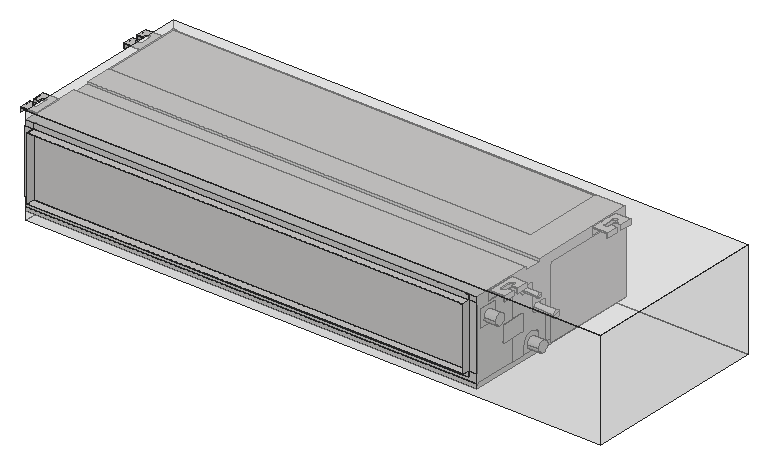
Revit family "outputfile", category 機械設備, Revit 2024
Family settings
  丸型コネクタ寸法 = 半径を使用
  パーツ タイプ = 標準
  OmniClass 番号 = 23.75.10.24.21.27.27
  OmniClass タイトル = Split System Air Conditioning Units
  作業面ベース = いいえ
  常に垂直 = はい
  ロード時にボイドで切り取り = いいえ
  注釈の向きを維持 = いいえ
  共有 = いいえ
  部屋計算ポイント = はい
Parameters (values of type "FPDQ63APV1")
  Description = ""
  書き出し IFC クラス(タイプ) = "IfcUnitaryEquipmentType"
  定義済み IFC タイプ(タイプ) = "AIRCONDITIONINGUNIT"
  Cost = 0
  Type Comments = ""
  Keynote = ""
  Type Image = (empty or 0)
  Assembly Code = ""
  w_RA Duct Size = RA Duct Size Width + 34.0 mm  # 1030.0 mm
  r_HP/LP Gas Pipe Size = 4.75 mm
  lw_HP/LP Gas Pipe Size = 60.0 mm  # constant formula
  lh_HP/LP Gas Pipe Size = -103.0 mm
  ld_mountinghole = 67.5 mm  # constant formula
  ld_HP/LP Gas Pipe Size = 131.0 mm
  製造元 = "Daikin"
  モデル = "FPDQ63APV1"
  w_pipe = 33.0 mm
  r_Liquid Pipe Size = Liquid Pipe Size / 2  # 4.75 mm
  r_Gas Pipe Size = Gas Pipe Size / 2  # 7.95 mm
  r_Drain Pipe Size = Drain Pipe Size / 2  # 13.0 mm
  lw_powersupply = 49.5 mm
  lh_suctionflange [instance] = if(Rear Connection_Return Air, 100.0 mm + [h***], 190.0 mm + [h***])  # 100.0 mm
  ld_suctionflange [instance] = if(Rear Connection_Return Air, 190.0 mm, 100.0 mm)  # 190.0 mm
  ld_powersupply = 60.0 mm
  angle_vertical_RA [instance] = if(Rear Connection_Return Air, 90.00°, 0.00°)  # 90.00°
  angle horizontal_RA [instance] = if(Rear Connection_Return Air, 180.00°, 270.00°)  # 180.00°
  Voltage_comment_50Hz = "220 - 240"
  Voltage_50Hz = 230 V
  URL = ""
  Supply Air Direction [instance] = yes
  Sound Power Level_H speed (dB) = 0
  Rear Connection_Return Air [instance] = not(Bottom Connection_Return Air)  # yes
  RA_length = 190.0 mm  # constant formula
  Phase_50Hz = 1
  Minimum External Static Pressure = 20.00 Pa
  Minimum Circuit Amps_50Hz = 1.2 A
  Maximum Fuse Amps_50Hz = 16.0 A
  Maximum External Static Pressure = 50.00 Pa
  Material_Casing = DAIKIN_GalvanizedSteel_Casing_indoorunit
  lw_liquidpipe = 39.0 mm  # constant formula
  lw_gaspipe = 50.5 mm  # constant formula
  lw_mountinghole_pitch = Width + 40.0 mm  # 1140.0 mm
  lw_mountinghole = 20.0 mm  # constant formula
  lw_drainpipe = 33.0 mm  # constant formula
  lh_powersupply = 20.0 mm
  lh_liquidpipe = 154.5 mm
  lh_gaspipe = 102.0 mm
  lh_mountinghole = Height + [h***]  # 200.0 mm
  lh_drainpipe = 50.0 mm
  lh_antena = 1.0 mm  # constant formula
  ld_liquidpipe = 141.0 mm
  ld_gaspipe = 178.5 mm  # constant formula
  ld_mountinghole_pitch = 315.0 mm  # constant formula
  ld_drainpipe = 422.0 mm  # constant formula
  ld_controlbox = 626.0 mm  # constant formula
  h*** = 0.0 mm  # constant formula
  d_dischargeflange = 22.2 mm  # constant formula
  Width = 1100.0 mm
  Version = "ver.1.0"
  Unit Type = "Compact Ceiling Mounted Duct Type"
  Unit Mass Weight = 23.00 kg
  Unit Designation [instance] = ""
  Uniclass2015Version = "Products v1.30"
  Uniclass2015Title = "Variable refrigerant flow units"
  Uniclass2015Code = "Pr_70_65_03_94"
  Total Cooling Capacity [instance] = 0.000 kW
  Sound Pressure Level_M speed (dBA) = 32
  Sound Pressure Level_L speed (dBA) = 30
  Sound Pressure Level_H speed (dBA) = 34
  Series = "VRV HOME_Fan Coil Unit"
  Sensible Cooling Capacity [instance] = 0.000 kW
  SA Duct Size Width = 1060.0 mm
  SA Duct Size Height = 153.0 mm
  Refrigerant Type = "R410A"
  RA Duct Size Width = 996.0 mm
  RA Duct Size Height = 172.0 mm
  Power Input (Cooling) = 0.196 kW
  Option Accessory 3 [instance] = ""
  Option Accessory 2 [instance] = ""
  Option Accessory 1 [instance] = ""
  Nominal Cooling Capacity = 7.100 kW
  Minimum Airflow = 690.00 m³/h
  Median Airflow = 900.00 m³/h
  Maximum Airflow = 1140.00 m³/h
  Load Classification = HVAC
  Liquid Pipe Size = 9.5 mm
  Link_Nested Family [instance] = ""
  IfcVersion = ""
  IfcExportType = "AIRCONDITIONINGUNIT"
  IfcExportAs = "IfcUnitaryEquipmentType"
  Height = 200.0 mm
  Heat Exchanger Type = "Cross Fin Coil"
  Gas Pipe Size = 15.9 mm
  Frequency_50Hz = 50 Hz
  Fan Type = "Sirocco Fan"
  Fan Drive = "Direct Drive"
  FCU Tag No. [instance] = ""
  Drain Pipe Size = 26.0 mm
  Design Supply Airflow [instance] = 0.00 m³/h
  Design Return Airflow [instance] = 0.00 m³/h
  Design External Static Pressure [instance] = 0.00 Pa
  Depth = 450.0 mm
  既定の高さ = 0.0 mm
  Cooling Entering Wet Bulb Temperature [instance] = 0.00 °C
  Cooling Entering Dry Bulb Temperature [instance] = 0.00 °C
  Cooling Ambient Wet Bulb Temperature [instance] = 0.00 °C
  Cooling Ambient Dry Bulb Temperature [instance] = 0.00 °C
  Clearance visibility [instance] = yes
  Clearance Top = 20.0 mm
  Clearance Right = 300.0 mm
  Clearance Rear = 0.0 mm
  Clearance Left = 0.0 mm
  Clearance Front = 0.0 mm
  Clearance Bottom = 20.0 mm
  Bottom Connection_Return Air [instance] = no
Reference planes
  plane 1 "Center (Front/Back)": y = 0
  plane 2: z = 0
  plane 3 "Center (Left/Right)": x = 0
  plane 4 "Back": y = 225
  plane 5 "Front": y = -225
  plane 6 "Left": x = -550
  plane 7 "Right": x = 550
  plane 8 "Top": z = 0
  plane 9 "Bottom": z = -200
  plane 10: x = 325
  plane 11: x = -330
  plane 12: z = -180
  plane 13: z = -6
  plane 14: z = -22
  plane 15: z = -45.5
  plane 16: z = -98
  plane 17: x = -304
  plane 18: x = -570
  plane 19: x = 570
  plane 20: y = -157.5
  plane 21: y = 157.5
  plane 22: x = -590
  plane 23: x = 390
  plane 24: x = 589
  plane 25: x = 600.5
  plane 26: x = 583
  plane 27: z = 0
  plane 28: z = -150
  plane 29 "Clearance Left": x = -550
  plane 30 "Clearance Right": x = 850
  plane 31 "Clearance Rear": y = 225
  plane 32 "Clearance Front": y = -225
  plane 33 "Clearance Top": z = 20
  plane 34 "Clearance Bottom": z = -220
  plane 35: z = -14
  plane 36: z = -50
  plane 37: z = -96.5
  plane 38: x = -32
  plane 39: y = -46.5
  plane 40: y = -84
  plane 41: y = -30
  plane 42: y = -197
  plane 43: z = -90.5
  plane 44: y = -224
  plane 45: x = -549
  plane 46: z = -90
  plane 47: z = -30
  plane 48: y = 210
  plane 49: z = -199
  plane 50: y = 35
  plane 51: z = -101
  plane 52: x = 580
  plane 53: z = 11
  plane 54: z = 97.5
  plane 55: y = -94
Forms (mm)
  Extrusion 1, solid, material "DAIKIN_GalvanizedSteel_Casing_indoorunit" <- "Material_Casing"
    sketch origin (0, 0, 0) x (1, 0, 0) y (0, 1, 0)
      loop
        line (-550, -225) -> (550, -225) -> (550, 225) -> (-550, 225) -> (-550, -225)
    from -200 to 0
  Extrusion 2, void
    sketch origin (0, 0, 1) x (1, 0, 0) y (0, 1, 0)
      loop
        line (-550, -78) -> (550, -78) -> (550, -36) -> (-550, -36) -> (-550, -78)
    from -1 to -7
  Revolve 3, solid, material "DAIKIN_GalvanizedSteel_Casing_indoorunit" <- "Material_Casing"
    sketch origin (0, 0, -98) x (0, -1, 0) y (1, 0, 0)
      loop
        line (38.55, 550) -> (46.5, 550) -> (46.5, 600.5) -> (38.55, 600.5) -> (38.55, 550)
      axis (46.5, 550) -> (46.5, 600.5)
    angle from 0 to 360
  Revolve 4, solid, material "DAIKIN_GalvanizedSteel_Casing_indoorunit" <- "Material_Casing"
    sketch origin (0, 0, -45.5) x (0, -1, 0) y (1, 0, 0)
      loop
        line (84, 550) -> (84, 589) -> (79.25, 589) -> (79.25, 550) -> (84, 550)
      axis (84, 589) -> (84, 550)
    angle from 0 to 360
  Extrusion 5, solid, material "DAIKIN_GalvanizedSteel_Casing_indoorunit" <- "Material_Casing"
    sketch origin (550, 0, 33.75) x (0, 1, 0) y (0, 0, 1)
      loop
        circle (-197, -83.75) r 13
    from 0 to 33
  Extrusion 6, solid, material "DAIKIN_GalvanizedSteel_Casing_indoorunit" <- "Material_Casing"
    sketch origin (0, 0, 0) x (1, 0, 0) y (0, 0, 1)
      loop
        line (-550, -189.5) -> (-550, -200) -> (550, -200) -> (550, -189.5) -> (-550, -189.5)
    from 2 to 225
  Extrusion 7, solid, material "DAIKIN_GalvanizedSteel_Casing_indoorunit" <- "Material_Casing", visible <- "Bottom Connection_Return Air"
    sketch origin (0, 225, 0) x (-1, 0, 0) y (0, 0, 1)
      loop
        line (-479, -200) -> (549, -200) -> (549, -1) -> (-479, -1) -> (-479, -200)
    from -1 to 0
  Extrusion 8, void
    sketch origin (0, 225, 0) x (-1, 0, 0) y (0, 0, 1)
      loop
        line (-479, 0) -> (-479, -1) -> (549, -1) -> (549, 0) -> (-479, 0)
    from 0 to -199
  Extrusion 9, solid, material "DAIKIN_GalvanizedSteel_Casing_indoorunit" <- "Material_Casing", visible <- "Rear Connection_Return Air"
    sketch origin (0, 0, 0) x (1, 0, 0) y (0, 1, 0)
      loop
        line (-549, 225) -> (-549, 26) -> (479, 26) -> (479, 225) -> (-549, 225)
    from -200 to -199
  Extrusion 10, solid, material "DAIKIN_GalvanizedSteel_Casing_indoorunit" <- "Material_Casing"
    sketch origin (550, 0, 0) x (0, 1, 0) y (0, 0, 1)
      loop
        line (225, -22.445) -> (1.953, -22.445)
        arc (1.953, -22.445) -> (-0.169, -23.324) -> (-1.047, -25.445) r 3
        line (-1.047, -25.445) -> (-1.047, -195.005)
        arc (-1.047, -195.005) -> (-0.169, -197.126) -> (1.953, -198.005) r 3
        line (1.953, -198.005) -> (225, -198.005) -> (225, -22.445)
    from 1 to 0
  Extrusion 11, solid, material "DAIKIN_GalvanizedSteel_Casing_indoorunit" <- "Material_Casing"
    sketch origin (550, 0, 0) x (0, 1, 0) y (0, 0, 1)
      loop
        circle (-62, -170) r 13
    from 30 to 0
  Extrusion 12, solid, material "DAIKIN_GalvanizedSteel_Casing_indoorunit" <- "Material_Casing"
    sketch origin (550, 0, 0) x (0, 1, 0) y (0, 0, 1)
      loop
        line (-148.682, -97.261) -> (-148.687, -131.178)
        arc (-148.687, -131.178) -> (-147.811, -133.295) -> (-145.695, -134.172) r 2.993
        line (-145.695, -134.172) -> (-91.826, -134.18)
        arc (-91.826, -134.18) -> (-89.709, -133.304) -> (-88.832, -131.187) r 2.994
        line (-88.832, -131.187) -> (-88.832, -97.148)
        arc (-88.832, -97.148) -> (-89.749, -95.111) -> (-91.821, -94.277) r 2.992
        line (-91.821, -94.277) -> (-145.689, -94.269)
        arc (-145.689, -94.269) -> (-147.805, -95.145) -> (-148.682, -97.261) r 2.993
      loop
        line (-176, -70.949) -> (-176, -29) -> (-218, -29) -> (-218, -70.949) -> (-176, -70.949)
    from 0 to 3
  Extrusion 13, solid, material "DAIKIN_GalvanizedSteel_Casing_indoorunit" <- "Material_Casing"
    sketch origin (550, 0, 0) x (0, 1, 0) y (0, 0, 1)
      loop
        line (-37.558, -189.537) -> (-21.994, -189.537) -> (-21.994, -94.768)
        arc (-21.994, -94.768) -> (-22.579, -93.358) -> (-23.989, -92.773) r 1.995
        line (-23.989, -92.773) -> (-30.037, -92.773)
        arc (-30.037, -92.773) -> (-31.448, -93.358) -> (-32.032, -94.768) r 1.995
        line (-32.032, -94.768) -> (-32.032, -98)
        arc (-32.032, -98) -> (-46.255, -112.466) -> (-60.959, -98.49) r 14.468
        line (-60.959, -98.49) -> (-60.959, -42.953)
        arc (-60.959, -42.953) -> (-61.685, -41.568) -> (-63.124, -40.958) r 2.32
        line (-63.124, -40.958) -> (-69.828, -40.958)
        arc (-69.828, -40.958) -> (-71.239, -41.542) -> (-71.823, -42.953) r 1.995
        line (-71.823, -42.953) -> (-71.823, -45.946)
        arc (-71.823, -45.946) -> (-83.794, -57.917) -> (-95.765, -45.946) r 11.971
        line (-95.765, -45.946) -> (-95.765, -42.953)
        arc (-95.765, -42.953) -> (-96.349, -41.542) -> (-97.76, -40.958) r 1.995
        line (-97.76, -40.958) -> (-114.828, -40.958)
        arc (-114.828, -40.958) -> (-116.239, -41.542) -> (-116.823, -42.953) r 1.995
        line (-116.823, -42.953) -> (-116.823, -94.273) -> (-91.821, -94.277)
        arc (-91.821, -94.277) -> (-89.749, -95.111) -> (-88.832, -97.148) r 2.992
        line (-88.832, -97.148) -> (-88.832, -131.186)
        arc (-88.832, -131.186) -> (-89.709, -133.303) -> (-91.826, -134.18) r 2.994
        line (-91.826, -134.18) -> (-116.823, -134.176) -> (-116.823, -189.537) -> (-86.438, -189.537) -> (-86.438, -169.501)
        arc (-86.438, -169.501) -> (-61.998, -145.061) -> (-37.558, -169.501) r 24.44
        line (-37.558, -169.501) -> (-37.558, -189.537)
    from 0 to 1
  Extrusion 14, solid, material "DAIKIN_GalvanizedSteel_Casing_indoorunit" <- "Material_Casing"
    sketch origin (-550, 0, 0) x (0, 1, 0) y (0, 0, 1)
      loop
        line (72.017, -134.38) -> (151.983, -134.38) -> (151.983, -85.62) -> (72.017, -85.62) -> (72.017, -134.38)
    from 0 to -1
  Extrusion 15, solid, material "DAIKIN_GalvanizedSteel_Casing_indoorunit" <- "Material_Casing"
    sketch origin (-550, 0, 0) x (0, 1, 0) y (0, 0, 1)
      loop
        circle (112, -110) r 20.479
    from 0 to -7
  Extrusion 16, solid, material "DAIKIN_GalvanizedSteel_Casing_indoorunit" <- "Material_Casing"
    sketch origin (-550, 0, 0) x (0, 1, 0) y (0, 0, 1)
      loop
        circle (112, -110) r 17.066
    from 0 to -9
  Extrusion 17, solid, material "DAIKIN_GalvanizedSteel_Casing_indoorunit" <- "Material_Casing"
    sketch origin (-550, 0, 0) x (0, 1, 0) y (0, 0, 1)
      loop
        circle (112, -110) r 7.5
    from 0 to -22.5
Cuts and joins
  Extrusion 2, Extrusion 8 cuts Extrusion 1
  Extrusion 8 cuts Extrusion 6
  joined: Extrusion 14, Extrusion 15, Extrusion 16, Extrusion 17
Dimensions and locks
  "lh_powersupply": plane 12 to plane 9 "Bottom"
  locked: plane 8 "Top" to plane 13 at 6
  "Height": plane 8 "Top" to plane 9 "Bottom"
  locked: plane 17 to plane 3 "Center (Left/Right)" at 304
  equal spacing: plane 18, plane 3 "Center (Left/Right)", plane 19
  "lw_mountinghole_pitch": plane 18 to plane 19
  locked: plane 14 to plane 9 "Bottom" at 178
  "lw_mountinghole": plane 22 to plane 18
  "lh_liquidpipe": plane 15 to plane 9 "Bottom"
  "lh_gaspipe": plane 16 to plane 9 "Bottom"
  "lh_mountinghole": plane 27 to plane 9 "Bottom"
  "ld_mountinghole_pitch": plane 21 to plane 20
  equal spacing: plane 6 "Left", plane 3 "Center (Left/Right)", plane 7 "Right"
  "Width": plane 6 "Left" to plane 7 "Right"
  "lh_drainpipe": plane 28 to plane 9 "Bottom"
  "Clearance Right": plane 7 "Right" to plane 30 "Clearance Right"
  "Clearance Left": plane 29 "Clearance Left" to plane 6 "Left"
  "lw_gaspipe": plane 7 "Right" to plane 25
  "lw_liquidpipe": plane 7 "Right" to plane 24
  "lw_drainpipe": plane 7 "Right" to plane 26
  "Clearance Rear": plane 31 "Clearance Rear" to plane 4 "Back"
  "Clearance Front": plane 5 "Front" to plane 32 "Clearance Front"
  "Clearance Top": plane 33 "Clearance Top" to plane 8 "Top"
  "Clearance Bottom": plane 9 "Bottom" to plane 34 "Clearance Bottom"
  plane 8 "Top" to plane 35 = 14.0 mm
  "lh_drainpipe": plane 8 "Top" to plane 36
  locked: plane 37 to plane 9 "Bottom" at 103.5
  locked: plane 35 to plane 43 at 76.5
  "Depth": plane 4 "Back" to plane 5 "Front"
  equal spacing: plane 4 "Back", plane 1 "Center (Front/Back)", plane 5 "Front"
  locked: plane 44 to plane 5 "Front" at 1
  locked: plane 45 to plane 6 "Left" at 1
  Extrusion 7 sketch curve to Extrusion 7 sketch curve = 199.0 mm
  nested 12 to plane 38 = 498.0 mm
  locked: plane 12 to plane 46 at 90
  plane 31 "Clearance Rear" to Extrusion 7 = 0.0 mm
  locked: plane 47 to plane 34 "Clearance Bottom" at 190
  plane 48 to nested 13 = 1.0 mm
  locked: plane 49 to plane 9 "Bottom" at 1
  "ld_suctionflange": plane 4 "Back" to plane 50
  locked: plane 51 to plane 9 "Bottom" at 99
  locked: plane 52 to plane 7 "Right" at 30
  "r_Gas Pipe Size": Revolve 3 sketch curve to Revolve 3 sketch curve
  "ld_gaspipe": plane 39 to plane 5 "Front"
  "r_Liquid Pipe Size": Revolve 4 sketch curve to plane 40
  "ld_liquidpipe": plane 40 to plane 5 "Front"
  "ld_drainpipe": plane 4 "Back" to plane 42
  "ld_HP/LP Gas Pipe Size": plane 55 to plane 5 "Front"
  plane 8 "Top" to plane 15 = 45.5 mm
  Extrusion 2 sketch curve to plane 5 "Front" = 189.0 mm
  "lw_powersupply": nested 11 to plane 7 "Right"
  plane 4 "Back" to nested 11 = 60.0 mm
  locked: plane 7 "Right" to Extrusion 8 sketch curve at 71
  locked: plane 7 "Right" to Extrusion 7 sketch curve at 71
  "ld_mountinghole": plane 20 to plane 5 "Front"
  locked: Extrusion 6 sketch curve to plane 9 "Bottom" at 10.5
  "ld_gaspipe": Revolve 3 sketch curve to plane 5 "Front"
  plane 8 "Top" to Extrusion 12 sketch curve to Extrusion 12 sketch curve = 29.0 mm locked, 41.949 mm locked
  plane 5 "Front" to Extrusion 12 sketch curve to Extrusion 12 sketch curve = 7.0 mm locked, 42.0 mm locked
  "r_Drain Pipe Size": radius of Extrusion 5 sketch curve
  aligned and locked: level to plane 2
  aligned and locked: Extrusion 1 to plane 9 "Bottom"
  aligned and locked: plane 8 "Top" to Extrusion 1
  aligned and locked: Revolve 3 sketch curve to Revolve 3 sketch curve
  aligned and locked: plane 24 to nested 6
  aligned and locked: nested 6 to plane 15
  aligned and locked: nested 2 to plane 21
  aligned and locked: plane 19 to nested 2
  aligned and locked: plane 19 to nested 3
  aligned and locked: plane 18 to nested 4
  aligned and locked: plane 21 to nested 5
  aligned and locked: nested 5 to plane 21
  aligned and locked: plane 18 to nested 5
  aligned and locked: plane 8 "Top" to nested 1
  aligned and locked: Extrusion 6 to plane 5 "Front"
  aligned and locked: Extrusion 6 to plane 9 "Bottom"
  aligned and locked: nested 7 to plane 16
  aligned and locked: plane 39 to nested 7
  aligned and locked: plane 40 to nested 6
  aligned and locked: Extrusion 5 sketch curve to plane 42
  aligned and locked: nested 12 to plane 45
  aligned and locked: plane 4 "Back" to Extrusion 8
  aligned and locked: plane 8 "Top" to Extrusion 2
  aligned and locked: Extrusion 7 to cut or joined group of Extrusion 1, Extrusion 2, Extrusion 8
  aligned and locked: plane 9 "Bottom" to Extrusion 9  (x2)
  aligned and locked: Extrusion 9 to plane 49
  aligned and locked: plane 4 "Back" to nested 12
  aligned and locked: Extrusion 8 to level
  aligned and locked: plane 30 "Clearance Right" to nested 14
  aligned and locked: plane 29 "Clearance Left" to nested 14
  aligned and locked: nested 14 to plane 32 "Clearance Front"
  aligned and locked: nested 14 to plane 33 "Clearance Top"
  aligned and locked: nested 14 to plane 34 "Clearance Bottom"
  aligned and locked: plane 7 "Right" to Extrusion 10
  aligned and locked: Extrusion 2 to plane 13
  aligned and locked: nested 8 to plane 36
  aligned and locked: nested 10 to plane 1 "Center (Front/Back)"
  aligned and locked: plane 45 to Extrusion 7
  aligned and locked: nested 12 to plane 49
  aligned and locked: plane 3 "Center (Left/Right)" to nested 10
  aligned and locked: plane 43 to nested 9
  aligned and locked: level to plane 8 "Top"
  aligned and locked: plane 3 "Center (Left/Right)" to nested 1
  aligned and locked: Extrusion 1 sketch curve to plane 5 "Front"
  aligned and locked: plane 3 "Center (Left/Right)" to nested 16
  aligned and locked: plane 5 "Front" to nested 16
  aligned and locked: nested 9 to plane 5 "Front"
  aligned and locked: plane 40 to Revolve 4 sketch curve  (x2)
  aligned and locked: plane 7 "Right" to nested 7
  aligned and locked: Extrusion 9 sketch curve to cut or joined group of Extrusion 1, Extrusion 2, Extrusion 8
  aligned and locked: plane 45 to nested 13
  aligned and locked: plane 7 "Right" to nested 8
  aligned and locked: plane 42 to nested 8
  aligned and locked: cut or joined group of Extrusion 1, Extrusion 2, Extrusion 8 to Extrusion 9 sketch curve
  aligned and locked: plane 1 "Center (Front/Back)" to nested 1
  aligned and locked: nested 4 to plane 20
  aligned and locked: nested 3 to plane 20
  aligned and locked: nested 16 to plane 35
  aligned and locked: nested 13 to Extrusion 7
  aligned and locked: plane 38 to nested 15
  aligned and locked: nested 15 to plane 50
  aligned and locked: plane 4 "Back" to nested 11
  aligned and locked: nested 11 to plane 12
  aligned and locked: plane 7 "Right" to Revolve 4 sketch curve
  aligned and locked: plane 7 "Right" to Revolve 3 sketch curve
  aligned and locked: Revolve 3 sketch curve to nested 7
  aligned and locked: Extrusion 6 sketch curve to plane 9 "Bottom"
  aligned and locked: plane 31 "Clearance Rear" to nested 14
Automatic sketch dimensions
  Extrusion 1 sketch curve to plane 4 "Back" = 0.0 mm
  Extrusion 1 sketch curve to plane 6 "Left" = 0.0 mm
  Extrusion 1 sketch curve to plane 7 "Right" = 0.0 mm
  Extrusion 2 sketch curve to plane 6 "Left" = 0.0 mm
  Extrusion 2 sketch curve to plane 7 "Right" = 0.0 mm
  Revolve 3 sketch curve to plane 38 = 57.997 mm
  plane 24 to Revolve 3 sketch curve = 1.003 mm
  Revolve 4 sketch curve to plane 24 = 0.0 mm  (x2)
  Revolve 4 sketch curve to Revolve 4 sketch curve = 1.0 mm
  Extrusion 6 sketch curve to plane 6 "Left" = 0.0 mm
  Extrusion 6 sketch curve to plane 7 "Right" = 0.0 mm
  Extrusion 9 sketch curve to plane 45 = 0.0 mm
  Extrusion 9 sketch curve to plane 4 "Back" = 0.0 mm
  Extrusion 10 sketch curve to plane 4 "Back" = 0.0 mm
  plane 49 to Extrusion 10 sketch curve = 0.995 mm
  Extrusion 10 sketch curve to plane 50 = 33.047 mm  (x2)
  Extrusion 10 sketch curve to plane 14 = 3.445 mm
  Extrusion 10 sketch curve to Extrusion 10 sketch curve = 3.0 mm
  plane 36 to Extrusion 5 sketch curve = 0.0 mm
  Extrusion 7 sketch curve to plane 9 "Bottom" = 0.0 mm
  Extrusion 7 sketch curve to plane 45 = 0.0 mm
  Extrusion 8 sketch curve to level = 0.0 mm
  Extrusion 8 sketch curve to plane 45 = 0.0 mm
  Extrusion 8 sketch curve to Extrusion 8 sketch curve = 1.0 mm
  plane 20 to Extrusion 12 sketch curve = 8.813 mm
  Extrusion 12 sketch curve to plane 37 = 0.761 mm
  plane 20 to Extrusion 12 sketch curve = 8.818 mm
  Extrusion 12 sketch curve to Extrusion 12 sketch curve = 2.992 mm
  Extrusion 12 sketch curve to Extrusion 12 sketch curve = 2.993 mm  (x2)
  Extrusion 12 sketch curve to plane 37 = 0.762 mm
  plane 37 to Extrusion 12 sketch curve = 2.231 mm
  plane 55 to Extrusion 12 sketch curve = 2.174 mm
  plane 55 to Extrusion 12 sketch curve = 2.175 mm
  Extrusion 12 sketch curve to plane 37 = 0.77 mm
  plane 55 to Extrusion 12 sketch curve = 2.179 mm  (x2)
  Extrusion 12 sketch curve to plane 37 = 0.648 mm
  Extrusion 12 sketch curve to Extrusion 12 sketch curve = 2.99 mm
  plane 28 to Extrusion 12 sketch curve = 18.822 mm
  Extrusion 12 sketch curve to Extrusion 12 sketch curve = 0.0 mm
  plane 28 to Extrusion 12 sketch curve = 18.814 mm
  Extrusion 12 sketch curve to Extrusion 12 sketch curve = 0.001 mm
  Extrusion 11 sketch curve to plane 39 = 15.5 mm
  plane 12 to Extrusion 11 sketch curve = 10.0 mm
  Extrusion 13 sketch curve to plane 16 = 0.0 mm
  Extrusion 13 sketch curve to plane 39 = 0.0 mm
  plane 15 to Extrusion 13 sketch curve = 2.547 mm
  Extrusion 13 sketch curve to plane 39 = 14.459 mm
  Extrusion 13 sketch curve to plane 39 = 15.498 mm
  Extrusion 13 sketch curve to Extrusion 13 sketch curve = 2.165 mm
  Extrusion 13 sketch curve to Extrusion 13 sketch curve = 2.297 mm
  Extrusion 13 sketch curve to Extrusion 13 sketch curve = 6.704 mm
  Extrusion 13 sketch curve to plane 15 = 0.446 mm
  Extrusion 13 sketch curve to Extrusion 13 sketch curve = 1.995 mm  (x2)
  plane 40 to Extrusion 13 sketch curve = 0.206 mm
  Extrusion 13 sketch curve to plane 40 = 2.438 mm
  Extrusion 13 sketch curve to plane 37 = 0.648 mm
  Extrusion 13 sketch curve to plane 40 = 4.832 mm
  plane 55 to Extrusion 13 sketch curve = 2.179 mm  (x2)
  plane 16 to Extrusion 13 sketch curve = 0.73 mm
  plane 55 to Extrusion 13 sketch curve = 2.175 mm
  plane 55 to Extrusion 13 sketch curve = 2.174 mm
  plane 15 to Extrusion 13 sketch curve = 4.542 mm
  Extrusion 13 sketch curve to Extrusion 13 sketch curve = 17.068 mm
  plane 37 to Extrusion 13 sketch curve = 2.227 mm
  Extrusion 13 sketch curve to plane 55 = 22.823 mm  (x2)
  plane 37 to Extrusion 13 sketch curve = 1.732 mm  (x2)
  Extrusion 13 sketch curve to Extrusion 13 sketch curve = 14.468 mm
  Extrusion 13 sketch curve to plane 41 = 0.037 mm
  plane 41 to Extrusion 13 sketch curve = 6.011 mm
  plane 28 to Extrusion 13 sketch curve = 18.814 mm
  plane 28 to Extrusion 13 sketch curve = 15.824 mm
  plane 12 to Extrusion 13 sketch curve = 10.499 mm
  plane 49 to Extrusion 13 sketch curve = 9.463 mm  (x2)
  plane 15 to Extrusion 13 sketch curve = 2.226 mm
  plane 40 to Extrusion 2 sketch curve = 6.0 mm
  plane 46 to Extrusion 14 sketch curve = 4.38 mm
  plane 50 to Extrusion 14 sketch curve = 37.017 mm
  Extrusion 14 sketch curve to plane 21 = 5.517 mm
  plane 28 to Extrusion 14 sketch curve = 15.62 mm
  Extrusion 15 sketch curve to plane 51 = 9.0 mm
  Extrusion 15 sketch curve to plane 21 = 45.5 mm
  Extrusion 16 sketch curve to plane 51 = 9.0 mm
  Extrusion 16 sketch curve to plane 21 = 45.5 mm
  Extrusion 17 sketch curve to plane 51 = 9.0 mm
  Extrusion 17 sketch curve to plane 21 = 45.5 mm
  radius of Extrusion 11 sketch curve = 13.0 mm
  radius of Extrusion 15 sketch curve = 20.479 mm
  radius of Extrusion 16 sketch curve = 17.066 mm
  radius of Extrusion 17 sketch curve = 7.5 mm
Nested families
  nested 1: "daikin_hangerfixture_FPDQ-APV1" at (0, 0, 0), type "daikin_hangerfixture_FPDQ-APV1"
    with width 1100.0 mm
  nested 2: "daikin_mountinghole" at (570, 157.5, -200), l_antenna <- "lh_antena", Link_Nested Family <- "Link_Nested Family", h_mountinghole <- "lh_mountinghole", type "daikin_mountinghole"
    with show yes, l_antenna 1.0 mm, h_mountinghole 200.0 mm, Link_Nested Family ""
  nested 3: "daikin_mountinghole" at (570, -157.5, -200), Link_Nested Family <- "Link_Nested Family", l_antenna <- "lh_antena", h_mountinghole <- "lh_mountinghole", type "daikin_mountinghole"
    with show yes, l_antenna 1.0 mm, h_mountinghole 200.0 mm, Link_Nested Family ""
  nested 4: "daikin_mountinghole" at (-570, -157.5, -200), l_antenna <- "lh_antena", Link_Nested Family <- "Link_Nested Family", h_mountinghole <- "lh_mountinghole", type "daikin_mountinghole"
    with show yes, l_antenna 1.0 mm, h_mountinghole 200.0 mm, Link_Nested Family ""
  nested 5: "daikin_mountinghole" at (-570, 157.5, -200), l_antenna <- "lh_antena", Link_Nested Family <- "Link_Nested Family", h_mountinghole <- "lh_mountinghole", type "daikin_mountinghole"
    with show yes, l_antenna 1.0 mm, h_mountinghole 200.0 mm, Link_Nested Family ""
  nested 6: "daikin_connector_rotate2" at (550, -84, -45.5) x (0, 1, 0) z (0, 0, 1), length <- "lw_liquidpipe", built-in parameter 1001364 <- "lh_liquidpipe", radius <- "r_Liquid Pipe Size", type "daikin_connector_rotate2"
    with radius 4.75 mm, length 39.0 mm, angle_vertical 90.00°
  nested 7: "daikin_connector_rotate2" at (550, -46.5, -98) x (0, 1, 0) z (0, 0, 1), length <- "lw_gaspipe", built-in parameter 1001364 <- "lh_gaspipe", radius <- "r_Gas Pipe Size", type "daikin_connector_rotate2"
    with radius 7.95 mm, length 50.5 mm, angle_vertical 90.00°
  nested 8: "daikin_connector_rotate2" at (550, -197, -50) x (0, 1, 0) z (0, 0, 1), built-in parameter 1001364 <- "lh_drainpipe", radius <- "r_Drain Pipe Size", length <- "lw_drainpipe", type "daikin_connector_rotate2"
    with radius 13.0 mm, length 33.0 mm, angle_vertical 90.00°
  nested 9: "daikin_connector_rotate2" at (0, -225, -90.5), length <- "d_dischargeflange", type "daikin_connector_rotate2"
    with radius 10.0 mm, length 22.2 mm, angle_vertical 90.00°
  nested 10: "daikin_△_symbolicline" at (-75, -129.904, 200) x (-0.5, 0.866, 0) z (0, 0, 1), built-in parameter 1001364 <- "Height", visible <- "Supply Air Direction", type "daikin_△_symbolicline"
    with length 300.0 mm
  nested 11: "daikin_connector_rotate2" at (500.5, 165, -180) x (-1, 0, 0) z (0, 0, 1), type "daikin_connector_rotate2"
    with radius 10.0 mm, length 60.0 mm, angle_vertical 90.00°
  nested 12: "daikin_ductflange_FPDQ-APV1_2" at (-35, 225, -100), material <- "Material_Casing", visible <- "Rear Connection_Return Air", height <- "RA Duct Size Height", width <- "w_RA Duct Size", type "daikin_ductflange_FPDQ-APV1_2"
    with width 1030.0 mm, material DAIKIN_GalvanizedSteel_Casing_indoorunit, height 172.0 mm, depth 21.2 mm
  nested 13: "daikin_ductflange_FPDQ-APV1_2" at (-35, 125, -200) x (1, 0, 0) z (0, 1, 0), material <- "Material_Casing", visible <- "Bottom Connection_Return Air", width <- "w_RA Duct Size", height <- "RA Duct Size Height", type "daikin_ductflange_FPDQ-APV1_2"
    with width 1030.0 mm, material DAIKIN_GalvanizedSteel_Casing_indoorunit, height 172.0 mm, depth 21.0 mm
  nested 14: "daikin_clearancespace" at (150, 0, -99.881), visible <- "Clearance visibility", show <- "Clearance visibility", Link_Nested Family <- "Link_Nested Family", type "daikin_clearancespace"
    with width 1400.0 mm, show yes, height 240.0 mm, depth 450.0 mm, Link_Nested Family ""
  nested 15: "daikin_connector_rotate3" at (-32, 35, -100), built-in parameter 1001364 <- "lh_suctionflange", angle_vertical <- "angle_vertical_RA", angle_horizontal <- "angle horizontal_RA", length <- "RA_length", type "daikin_connector_rotate3"
    with show no, radius 10.0 mm, length 190.0 mm, angle_vertical 90.00°, angle_horizontal 180.00°
  nested 16: "daikin_ductflange_FPDQ-APV1_1" at (0, 88.5, -357.201), width <- "SA Duct Size Width", type "daikin_ductflange_FPDQ-APV1_1"
    with width 1060.0 mm, material DAIKIN_GalvanizedSteel_Casing_indoorunit, height 155.0 mm, depth 20.0 mm
Connectors
  piping at (600.5, -46.5, -98), diameter 15.9, driven by "r_Gas Pipe Size"
    settings: on nested 7, index 1, connector inside diameter 609.6 mm, connector length 0.0 mm, flow factor 0, pipe flow 0.00 m³/h, pressure drop 0.0 Pa, fitting loss kfactor 0, connector angle 0.00°, fixture units 0, engagement length 0.0 mm, angle of deflection 0.00°, flow configuration 1, flow direction 2, fitting loss method 0, system type 29, joint type 0, gender type 0, connector reference index -1, connector utility 0, adjustable connector no, is connector primary yes, connector description "Refrigerant Gas Piping"
  piping at (589, -84, -45.5), diameter 9.5, driven by "r_Liquid Pipe Size"
    settings: on nested 6, index 2, connector inside diameter 609.6 mm, connector length 0.0 mm, flow factor 0, pipe flow 0.00 m³/h, pressure drop 0.0 Pa, fitting loss kfactor 0, connector angle 0.00°, fixture units 0, engagement length 0.0 mm, angle of deflection 0.00°, flow configuration 1, flow direction 1, fitting loss method 0, system type 29, joint type 0, gender type 0, connector reference index -1, connector utility 0, adjustable connector no, is connector primary no, connector description "Refrigerant Liquid Piping"
  piping at (583, -197, -50), diameter 26, driven by "r_Drain Pipe Size"
    settings: on nested 8, index 3, connector inside diameter 609.6 mm, connector length 0.0 mm, flow factor 0, pipe flow 0.00 m³/h, pressure drop 0.0 Pa, fitting loss kfactor 0, connector angle 0.00°, fixture units 0, engagement length 0.0 mm, angle of deflection 0.00°, flow configuration 1, flow direction 2, fitting loss method 4, system type 16, joint type 0, gender type 0, connector reference index -1, connector utility 0, adjustable connector no, is connector primary no, connector description "Condensate Drain Piping"
  electrical at (500.5, 225, -180), driven by "Load Classification"
    settings: on nested 11, index 9, voltage 0 V, apparent load 0 VA, apparent load phase1 0 VA, apparent load phase2 0 VA, apparent load phase3 0 VA, power factor 1, load classification "HVAC", number of poles 1, system type 30, power factor state 1, is connector primary yes, connector utility no, sub classification motor no, connector description "Power Supply"
  hvac at (0, -247.2, -90.5), driven by "SA Duct Size Height", driven by "SA Duct Size Width"
    settings: on nested 9, index 11, duct flow 0.00 m³/h, flow factor 0, pres drop 0.00 Pa, loss coef 0, conn angle 0.00°, conn width 1060.0 mm, conn height 153.0 mm, conn diameter 609.6 mm, duct sys type 1, conn prof type 1, flow config 0, flow direction 2, loss method 4, conn ref index -1, conn util no, is conn primary yes, conn desc "SA Duct"
  hvac at (-32, 225, -100), driven by "RA Duct Size Height", driven by "RA Duct Size Width"
    settings: on nested 15, index 12, duct flow 0.00 m³/h, flow factor 0, pres drop 0.00 Pa, loss coef 0, conn angle 0.00°, conn width 996.0 mm, conn height 172.0 mm, conn diameter 609.6 mm, duct sys type 2, conn prof type 1, flow config 0, flow direction 1, loss method 4, conn ref index -1, conn util no, is conn primary no, conn desc "RA Duct"
  piping at (600.5, -46.5, -98), diameter 15.9, driven by "r_Gas Pipe Size"
    settings: on nested 7, index 13, connector inside diameter 609.6 mm, connector length 0.0 mm, flow factor 0, pipe flow 0.00 m³/h, pressure drop 0.0 Pa, fitting loss kfactor 0, connector angle 0.00°, fixture units 0, engagement length 0.0 mm, angle of deflection 0.00°, flow configuration 1, flow direction 2, fitting loss method 0, system type 29, joint type 0, gender type 0, connector reference index -1, connector utility 0, adjustable connector no, is connector primary no, connector description "Refrigerant Gas Piping"
Definition of nested family "daikin_hangerfixture_FPDQ-APV1"
  Parameters (values of type "daikin_hangerfixture_FPRQ-APVM")
    width = 700.0 mm
    material = none
    height = 65.0 mm
    depth = 620.0 mm
    Default Elevation = 0.0 mm
  Reference planes
    plane 1 "Center (Front/Back)": y = 0
    plane 2: z = 0
    plane 3 "Center (Left/Right)": x = 0
    plane 4: x = 350
    plane 5: y = 310
    plane 6: y = -310
    plane 7: x = -350
  Forms (mm)
    Extrusion 1, solid, material <- "material"
      sketch origin (0, 0, 0) x (1, 0, 0) y (0, 0, 1)
        loop
          line (350, 0) -> (350, -24.477) -> (351.56, -22.917) -> (351.56, -1.56) -> (387.944, -1.56) -> (387.944, -11.312) -> (389.504, -11.312) -> (389.504, 0) -> (350, 0)
      from -310 to 310
    Extrusion 2, void
      sketch origin (0, 0, 0) x (0, 1, 0) y (0, 0, 1)
        loop
          line (310, -30) -> (310, -17.979) -> (87.935, -17.979) -> (75.914, -30) -> (310, -30)
      from 0 to 618
    Extrusion 3, void
      sketch origin (0, 0, 0) x (1, 0, 0) y (0, 1, 0)
        loop
          line (389.5, 163.755) -> (375.851, 163.755) -> (375.851, 169.607)
          arc (375.851, 169.607) -> (370, 175.458) -> (364.149, 169.607) r 5.851
          line (364.149, 169.607) -> (364.149, 145.227)
          arc (364.149, 145.227) -> (370, 139.376) -> (375.851, 145.227) r 5.851
          line (375.851, 145.227) -> (375.851, 151.078) -> (389.5, 151.078) -> (389.5, 163.755)
        loop
          line (389.5, -151.161) -> (375.851, -151.161) -> (375.851, -145.31)
          arc (375.851, -145.31) -> (370, -139.459) -> (364.149, -145.31) r 5.851
          line (364.149, -145.31) -> (364.149, -169.69)
          arc (364.149, -169.69) -> (370, -175.541) -> (375.851, -169.69) r 5.851
          line (375.851, -169.69) -> (375.851, -163.839) -> (389.5, -163.839) -> (389.5, -151.161)
        loop
          line (350, 310) -> (350, 191.548) -> (389.504, 191.548) -> (389.504, 310) -> (350, 310)
        loop
          line (350, 123.285) -> (350, -123.368) -> (389.504, -123.368) -> (389.504, 123.285) -> (350, 123.285)
        loop
          line (350, -191.632) -> (350, -310) -> (389.504, -310) -> (389.504, -191.632) -> (350, -191.632)
      from -254.96 to 618
    Extrusion 4, solid, material <- "material"
      sketch origin (0, 0, 0) x (-1, 0, 0) y (0, 0, -1)
        loop
          line (350, 0) -> (389.504, 0) -> (389.504, 11.312) -> (387.944, 11.312) -> (387.944, 1.56) -> (351.56, 1.56) -> (351.56, 22.917) -> (350, 24.477) -> (350, 0)
      from -310 to 310
    Extrusion 5, void
      sketch origin (0, 0, 0) x (-1, 0, 0) y (0, -1, 0)
        loop
          line (389.5, -151.161) -> (375.851, -151.161) -> (375.851, -145.31)
          arc (375.851, -145.31) -> (370, -139.459) -> (364.149, -145.31) r 5.851
          line (364.149, -145.31) -> (364.149, -169.69)
          arc (364.149, -169.69) -> (370, -175.541) -> (375.851, -169.69) r 5.851
          line (375.851, -169.69) -> (375.851, -163.839) -> (389.5, -163.839) -> (389.5, -151.161)
        loop
          line (389.5, 163.839) -> (375.851, 163.839) -> (375.851, 169.69)
          arc (375.851, 169.69) -> (370, 175.541) -> (364.149, 169.69) r 5.851
          line (364.149, 169.69) -> (364.149, 145.31)
          arc (364.149, 145.31) -> (370, 139.459) -> (375.851, 145.31) r 5.851
          line (375.851, 145.31) -> (375.851, 151.161) -> (389.5, 151.161) -> (389.5, 163.839)
        loop
          line (389.504, 191.632) -> (389.504, 310) -> (350, 310) -> (350, 191.632) -> (389.504, 191.632)
        loop
          line (389.504, 123.368) -> (350, 123.368) -> (350, -123.368) -> (389.504, -123.368) -> (389.504, 123.368)
        loop
          line (389.504, -191.632) -> (350, -191.632) -> (350, -310) -> (389.504, -310) -> (389.504, -191.632)
      from -254.96 to 618
  Cuts and joins
    Extrusion 2, Extrusion 3, Extrusion 5 cuts Extrusion 1
    Extrusion 5 cuts Extrusion 4
  Dimensions and locks
    equal spacing: plane 5, plane 1 "Center (Front/Back)", plane 6
    "depth": plane 5 to plane 6
    plane 6 to plane 1 "Center (Front/Back)" to plane 5 = 310.0 mm, 310.0 mm
    locked: Extrusion 1 sketch curve to plane 4 at 1.56
    locked: level to Extrusion 1 sketch curve at 1.56
    locked: Extrusion 1 sketch curve to plane 4 at 39.504
    locked: level to Extrusion 1 sketch curve at 11.312
    locked: Extrusion 1 sketch curve to Extrusion 1 sketch curve at 1.56
    locked: level to Extrusion 1 sketch curve at 24.477
    equal spacing: plane 7, plane 3 "Center (Left/Right)", plane 4
    "width": plane 7 to plane 4
    locked: plane 7 to Extrusion 4 sketch curve at 1.56
    locked: level to Extrusion 4 sketch curve at 11.312
    locked: plane 7 to Extrusion 4 sketch curve at 39.504
    locked: Extrusion 4 sketch curve to Extrusion 4 sketch curve at 1.56
    locked: plane 2 to Extrusion 4 sketch curve at 1.56
    locked: plane 2 to Extrusion 4 sketch curve at 24.477
    aligned and locked: level to plane 2
    aligned and locked: plane 5 to Extrusion 1
    aligned and locked: Extrusion 1 to plane 6
    aligned and locked: Extrusion 1 to plane 4
    aligned and locked: plane 5 to cut or joined group of Extrusion 1, Extrusion 2, Extrusion 3, Extrusion 5
    aligned and locked: cut or joined group of Extrusion 1, Extrusion 2, Extrusion 3, Extrusion 5 to plane 6
    aligned and locked: level to cut or joined group of Extrusion 1, Extrusion 2, Extrusion 3, Extrusion 5
    aligned and locked: plane 5 to cut or joined group of Extrusion 4, Extrusion 5
    aligned and locked: cut or joined group of Extrusion 4, Extrusion 5 to plane 6
    aligned and locked: Extrusion 1 sketch curve to level
    aligned and locked: Extrusion 4 sketch curve to plane 7
    aligned and locked: plane 2 to Extrusion 4 sketch curve
  Automatic sketch dimensions
    Extrusion 2 sketch curve to plane 5 = 0.0 mm
    Extrusion 2 sketch curve to level = 17.979 mm
    Extrusion 2 sketch curve to plane 1 "Center (Front/Back)" = 87.935 mm
    Extrusion 2 sketch curve to level = 30.0 mm
    Extrusion 2 sketch curve to Extrusion 2 sketch curve = 12.021 mm
    Extrusion 1 sketch curve to plane 4 = 0.0 mm
    Extrusion 1 sketch curve to Extrusion 1 sketch curve = 1.56 mm
    Extrusion 4 sketch curve to Extrusion 4 sketch curve = 1.56 mm
    Extrusion 3 sketch curve to plane 4 = 0.0 mm  (x3)
    Extrusion 3 sketch curve to plane 5 = 0.0 mm
    Extrusion 3 sketch curve to plane 6 = 0.0 mm
    plane 4 to Extrusion 3 sketch curve = 14.149 mm  (x2)
    Extrusion 3 sketch curve to Extrusion 3 sketch curve = 5.851 mm  (x8)
    Extrusion 3 sketch curve to Extrusion 3 sketch curve = 13.649 mm  (x2)
    Extrusion 3 sketch curve to Extrusion 3 sketch curve = 13.653 mm  (x3)
    plane 6 to Extrusion 3 sketch curve = 118.368 mm
    Extrusion 3 sketch curve to Extrusion 3 sketch curve = 21.942 mm  (x4)
    Extrusion 3 sketch curve to Extrusion 3 sketch curve = 12.678 mm  (x2)
    Extrusion 3 sketch curve to plane 1 "Center (Front/Back)" = 123.285 mm
    Extrusion 5 sketch curve to plane 5 = 0.0 mm
    Extrusion 5 sketch curve to plane 7 = 0.0 mm  (x3)
    Extrusion 5 sketch curve to plane 6 = 0.0 mm
    Extrusion 5 sketch curve to plane 7 = 14.149 mm  (x2)
    Extrusion 5 sketch curve to Extrusion 5 sketch curve = 5.851 mm  (x8)
    Extrusion 5 sketch curve to Extrusion 5 sketch curve = 13.649 mm  (x2)
    Extrusion 5 sketch curve to Extrusion 5 sketch curve = 13.653 mm  (x3)
    Extrusion 5 sketch curve to Extrusion 5 sketch curve = 118.368 mm
    Extrusion 5 sketch curve to Extrusion 5 sketch curve = 21.942 mm  (x4)
    Extrusion 5 sketch curve to Extrusion 5 sketch curve = 12.678 mm  (x2)
    plane 1 "Center (Front/Back)" to Extrusion 5 sketch curve = 123.368 mm
Definition of nested family "daikin_ductflange_FPDQ-APV1_2"
  Parameters (values of type "daikin_ductflange_FPDQ-APV1_2")
    width [instance] = 620.0 mm
    material [instance] = none
    height [instance] = 160.0 mm
    depth [instance] = 21.2 mm
    Default Elevation = 0.0 mm
  Reference planes
    plane 1 "Center (Front/Back)": y = 0
    plane 2: z = 0
    plane 3 "Center (Left/Right)": x = 0
    plane 4: y = -313.5
    plane 5: y = -334.7
    plane 6: x = -310
    plane 7: x = 310
    plane 8: z = 80
    plane 9: z = -80
    plane 10: z = 100
    plane 11: z = -100
    plane 12: x = -309
    plane 13: x = 309
  Forms (mm)
    Extrusion 1, solid, material <- "material"
      sketch origin (0, 0, 0) x (1, 0, 0) y (0, 0, 1)
        loop
          line (-290, 80) -> (-290, -80) -> (296, -80) -> (296, 80) -> (-290, 80)
        loop
          line (-309, -99) -> (309, -99) -> (309, 99) -> (-309, 99) -> (-309, -99)
      from 0 to 1
  Dimensions and locks
    plane 4 to plane 1 "Center (Front/Back)" = 313.5 mm
    "depth": plane 5 to plane 4
    equal spacing: plane 7, plane 3 "Center (Left/Right)", plane 6, locked at 310 each
    "width": plane 7 to plane 6
    equal spacing: plane 8, level, plane 9
    "height": plane 8 to plane 9
    equal spacing: plane 10, level, plane 11, locked at 100 each
    locked: plane 10 to plane 11 at 200
    plane 12 to plane 6 = 1.0 mm
    locked: plane 7 to plane 13 at 1
    Extrusion 1 sketch curve to Extrusion 1 sketch curve = 19.0 mm  (x2)
    locked: Extrusion 1 sketch curve to Extrusion 1 sketch curve at 19
    locked: Extrusion 1 sketch curve to Extrusion 1 sketch curve at 13
    locked: plane 10 to Extrusion 1 sketch curve at 1
    locked: Extrusion 1 sketch curve to plane 11 at 1
    aligned and locked: level to plane 2
    aligned and locked: plane 8 to Extrusion 1
    aligned and locked: plane 9 to Extrusion 1
  Automatic sketch dimensions
    plane 6 to Extrusion 1 sketch curve = 1.0 mm
    Extrusion 1 sketch curve to plane 7 = 1.0 mm
Definition of nested family "daikin_clearancespace"
  Parameters (values of type "daikin_clearancespace")
    Description = "daikin_clearancespace"
    width [instance] = 1823.963 mm
    show [instance] = yes
    material = none
    height [instance] = 1359.762 mm
    depth [instance] = 880.0 mm
    Default Elevation = 0.0 mm
    Link_Nested Family [instance] = ""
  Reference planes
    plane 1 "Center (Front/Back)": y = 0
    plane 2 "Center (Elevation)": z = -0.119
    plane 3 "Center (Left/Right)": x = 0
    plane 4: y = 440
    plane 5: y = -440
    plane 6 "Right": x = 911.982
    plane 7 "Left": x = -911.982
    plane 8 "Top": z = 679.762
    plane 9 "Bottom": z = -680
  Forms (mm)
    Extrusion 1, solid, material <- "material", visible <- "show"
      sketch origin (0, 0, 0) x (1, 0, 0) y (0, 1, 0)
        loop
          line (-911.982, 440) -> (-911.982, -440) -> (911.982, -440) -> (911.982, 440) -> (-911.982, 440)
      from -680 to 679.762
  Lines and regions (mm)
    symbolic lines, visible <- "show"
      curve 1: line (911.982, 440, 0) -> (-911.982, 440, 0)
      curve 2: line (-911.982, 440, 0) -> (-911.982, -440, 0)
      curve 3: line (-911.982, -440, 0) -> (911.982, -440, 0)
      curve 4: line (911.982, -440, 0) -> (911.982, 440, 0)
      curve 5: line (911.982, 0, 679.762) -> (-911.982, 0, 679.762)
      curve 6: line (911.982, 0, -680) -> (911.982, 0, 679.762)
      curve 7: line (-911.982, 0, -680) -> (911.982, 0, -680)
      curve 8: line (-911.982, 0, 679.762) -> (-911.982, 0, -680)
      curve 9: line (0, 440, 679.762) -> (0, -440, 679.762)
      curve 10: line (0, -440, 679.762) -> (0, -440, -680)
      curve 11: line (0, 440, -680) -> (0, 440, 679.762)
      curve 12: line (0, -440, -680) -> (0, 440, -680)
  Dimensions and locks
    "width": plane 7 "Left" to plane 6 "Right"
    "depth": plane 4 to plane 5
    "height": plane 8 "Top" to plane 9 "Bottom"
    equal spacing: plane 7 "Left", plane 3 "Center (Left/Right)", plane 6 "Right"
    equal spacing: plane 4, plane 1 "Center (Front/Back)", plane 5
    equal spacing: plane 8 "Top", plane 2 "Center (Elevation)", plane 9 "Bottom"
    aligned and locked: level to plane 2 "Center (Elevation)"
    aligned and locked: Extrusion 1 sketch curve to plane 4
    aligned and locked: plane 7 "Left" to Extrusion 1 sketch curve
    aligned and locked: Extrusion 1 sketch curve to plane 5
    aligned and locked: Extrusion 1 sketch curve to plane 6 "Right"
    aligned and locked: plane 8 "Top" to Extrusion 1
    aligned and locked: curve 1 to Extrusion 1
    aligned and locked: curve 2 to Extrusion 1
    aligned and locked: curve 3 to Extrusion 1
    aligned and locked: curve 4 to Extrusion 1
    aligned and locked: curve 5 to Extrusion 1
    aligned and locked: curve 6 to Extrusion 1
    aligned and locked: curve 7 to Extrusion 1
    aligned and locked: curve 8 to Extrusion 1
    aligned and locked: curve 9 to Extrusion 1
    aligned and locked: curve 10 to Extrusion 1
    aligned and locked: curve 11 to Extrusion 1
    aligned and locked: curve 12 to Extrusion 1
    aligned and locked: Extrusion 1 to plane 9 "Bottom"
Definition of nested family "daikin_ductflange_FPDQ-APV1_1"
  Parameters (values of type "daikin_ductflange_FPRQ-APVM_1")
    width [instance] = 660.0 mm
    material [instance] = none
    height [instance] = 155.0 mm
    depth [instance] = 22.2 mm
    Default Elevation = 0.0 mm
  Reference planes
    plane 1 "Center (Front/Back)": y = 0
    plane 2: z = 189.201
    plane 3 "Center (Left/Right)": x = 0
    plane 4: y = -313.5
    plane 5: x = -330
    plane 6: x = 330
    plane 7: y = -335.7
    plane 8: z = 344.201
    plane 9: z = 266.701
    plane 10: z = 343.201
    plane 11: z = 190.201
  Forms (mm)
    Extrusion 1, solid, material <- "material"
      sketch origin (0, 0, 189.201) x (1, 0, 0) y (0, 1, 0)
        loop
          line (-330, -335.7) -> (-330, -313.5) -> (-350, -313.5) -> (-350, -314.5) -> (-331, -314.5) -> (-331, -335.7) -> (-330, -335.7)
        loop
          line (330, -335.7) -> (331, -335.7) -> (331, -314.5) -> (350, -314.5) -> (350, -313.5) -> (330, -313.5) -> (330, -335.7)
      from 1 to 154
    Extrusion 2, solid, material <- "material"
      sketch origin (0, 0, 0) x (0, 1, 0) y (0, 0, 1)
        loop
          line (-313.5, 343.201) -> (-313.5, 357.201) -> (-314.5, 357.201) -> (-314.5, 344.201) -> (-335.7, 344.201) -> (-335.7, 343.201) -> (-313.5, 343.201)
        loop
          line (-313.5, 190.201) -> (-335.7, 190.201) -> (-335.7, 189.201) -> (-314.5, 189.201) -> (-314.5, 176.201) -> (-313.5, 176.201) -> (-313.5, 190.201)
      from -330 to 330
  Dimensions and locks
    plane 4 to plane 1 "Center (Front/Back)" = 313.5 mm
    "depth": plane 7 to plane 4
    equal spacing: plane 8, plane 9, level
    "height": plane 8 to level
    equal spacing: plane 6, plane 3 "Center (Left/Right)", plane 5
    "width": plane 6 to plane 5
    locked: plane 8 to plane 10 at 1
    locked: plane 11 to level at 1
    locked: Extrusion 1 to Extrusion 2 sketch curve at 1
    locked: Extrusion 2 sketch curve to Extrusion 1 at 1
    locked: Extrusion 1 sketch curve to Extrusion 1 sketch curve at 1  (x2)
    locked: Extrusion 1 sketch curve to plane 5 at 20
    locked: plane 6 to Extrusion 1 sketch curve at 20
    aligned and locked: level to plane 2
    aligned and locked: plane 4 to Extrusion 1  (x2)
    aligned and locked: plane 5 to Extrusion 1
    aligned and locked: Extrusion 1 to plane 7  (x2)
    aligned and locked: Extrusion 1 to plane 6
    aligned and locked: Extrusion 1 to plane 10
    aligned and locked: Extrusion 1 to plane 11
    aligned and locked: plane 10 to Extrusion 1
    aligned and locked: plane 11 to Extrusion 1
    aligned and locked: Extrusion 2 to plane 5
    aligned and locked: plane 5 to Extrusion 2
    aligned and locked: plane 6 to Extrusion 2
    aligned and locked: Extrusion 2 to plane 6
    aligned and locked: Extrusion 2 to plane 11
    aligned and locked: Extrusion 2 to plane 10
  Automatic sketch dimensions
    Extrusion 1 sketch curve to plane 4 = 0.0 mm  (x2)
    Extrusion 1 sketch curve to plane 7 = 0.0 mm  (x2)
    Extrusion 1 sketch curve to plane 5 = 0.0 mm
    Extrusion 1 sketch curve to plane 5 = 1.0 mm
    plane 6 to Extrusion 1 sketch curve = 1.0 mm
    Extrusion 2 sketch curve to plane 7 = 0.0 mm  (x2)
    Extrusion 2 sketch curve to plane 4 = 0.0 mm  (x2)
    Extrusion 2 sketch curve to plane 11 = 0.0 mm
    Extrusion 2 sketch curve to plane 10 = 0.0 mm
    Extrusion 2 sketch curve to plane 4 = 1.0 mm  (x2)
    Extrusion 2 sketch curve to level = 13.0 mm
    plane 8 to Extrusion 2 sketch curve = 13.0 mm
    Extrusion 1 sketch curve to plane 6 = 0.0 mm
Definition of nested family "daikin_mountinghole"
  Parameters (values of type "daikin_mountinghole")
    Default Elevation = 1219.2 mm
    Type Comments = "mountinghole"
    show [instance] = yes
    material = none
    l_centerline = 100.0 mm
    l_antenna [instance] = 100.0 mm
    h_mountinghole [instance] = 0.0 mm
    d_circle = 30.0 mm
    Link_Nested Family [instance] = ""
  Reference planes
    plane 1 "Center (Front/Back)": y = 0
    plane 2: z = 0
    plane 3 "Center (Left/Right)": x = 0
    plane 4: y = 50
    plane 5: x = -50
    plane 6: x = 50
    plane 7: y = -50
    plane 8 "h_mountinghole": z = 0
    plane 9: z = 100
  Lines and regions (mm)
    model lines, detail levels fine
      curve 1: circle (0, 0, 0) r 15 normal (0, 0, 1)
      curve 2: line (-50, 0, 0) -> (50, 0, 0)
      curve 3: line (0, 50, 0) -> (0, -50, 0)
    symbolic lines, detail levels fine
      curve 4: circle (0, 0, 0) r 15 normal (0, 0, 1)
      curve 5: line (-50, 0, 0) -> (50, 0, 0)
      curve 6: line (0, 50, 0) -> (0, -50, 0)
    model lines
      curve 7: line (0, 0, 100) -> (0, 0, 0)
  Dimensions and locks
    equal spacing: plane 4, plane 1 "Center (Front/Back)", plane 7
    "l_centerline": plane 4 to plane 7
    equal spacing: plane 5, plane 3 "Center (Left/Right)", plane 6
    "l_centerline": plane 5 to plane 6
    "l_antenna": plane 9 to plane 8 "h_mountinghole"
    "h_mountinghole": plane 8 "h_mountinghole" to plane 2
    "d_circle": diameter of curve 1
    "d_circle": diameter of curve 4
    aligned and locked: level to plane 2
    aligned and locked: plane 1 "Center (Front/Back)" to curve 1
    aligned and locked: plane 3 "Center (Left/Right)" to curve 1
    aligned and locked: plane 1 "Center (Front/Back)" to curve 2
    aligned and locked: curve 3 to plane 3 "Center (Left/Right)"
    aligned and locked: plane 6 to curve 2
    aligned and locked: plane 5 to curve 2
    aligned and locked: plane 4 to curve 3
    aligned and locked: plane 7 to curve 3
    aligned and locked: plane 1 "Center (Front/Back)" to curve 4
    aligned and locked: plane 3 "Center (Left/Right)" to curve 4
    aligned and locked: plane 6 to curve 5
    aligned and locked: plane 5 to curve 5
    aligned and locked: plane 1 "Center (Front/Back)" to curve 5
    aligned and locked: plane 4 to curve 6
    aligned and locked: plane 7 to curve 6
    aligned and locked: curve 6 to plane 3 "Center (Left/Right)"
    aligned and locked: curve 7 to plane 3 "Center (Left/Right)"
    aligned and locked: plane 9 to curve 7
    aligned and locked: plane 8 "h_mountinghole" to curve 7
Definition of nested family "daikin_connector_rotate2"
  Parameters (values of type "daikin_connector_rotate2")
    show_face = no
    radius [instance] = 10.0 mm
    length [instance] = 600.0 mm
    d_surface = 10.0 mm
    angle_vertical [instance] = 90.00°
    Default Elevation = 0.0 mm
  Reference planes
    plane 1 "Center (Front/Back)": y = 0
    plane 2: z = 0
    plane 3 "Center (Left/Right)": x = 0
  Forms (mm)
    Extrusion 1, solid, visible <- "show_face"
      sketch origin (0, -600, 0) x (1, 0, 0) y (0, 0, 1)
        loop
          circle (0, 0) r 10
      from 0 to -10
  Lines and regions (mm)
    reference lines
      curve 1: line (0, 0, 0) -> (0, -600, 0)
    symbolic lines
      curve 2: circle (0, 0, 0) r 5 normal (0, 0, 1)
    model lines, visible <- "show_face"
      curve 3: line (0, 0, 0) -> (0, -600, 0)
  Dimensions and locks
    "length": curve 1 to curve 1
    "length": curve 3 to curve 3
    "d_surface": Extrusion 1 to Extrusion 1
    "radius": radius of Extrusion 1 sketch curve
    "angle_vertical": angle curve 1 to plane 1 "Center (Front/Back)"
    "angle_vertical": angle curve 3 to plane 1 "Center (Front/Back)"
    aligned and locked: level to plane 2
    aligned and locked: plane 1 "Center (Front/Back)" to curve 1
    aligned and locked: plane 2 to curve 1
    aligned and locked: plane 1 "Center (Front/Back)" to curve 2
    aligned and locked: plane 3 "Center (Left/Right)" to curve 2
    aligned and locked: plane 1 "Center (Front/Back)" to curve 3
    aligned and locked: plane 2 to curve 3
    aligned and locked: Extrusion 1 to Extrusion 1
  Automatic sketch dimensions
    Extrusion 1 sketch curve to level = 0.0 mm
    Extrusion 1 sketch curve to plane 3 "Center (Left/Right)" = 0.0 mm
    radius of curve 2 = 5.0 mm
Definition of nested family "daikin_△_symbolicline"
  Parameters (values of type "daikin_△_symbolicline")
    length [instance] = 500.0 mm
    Default Elevation = 0.0 mm
  Reference planes
    plane 1 "Center (Front/Back)": y = 0
    plane 2: z = 0
    plane 3 "Center (Left/Right)": x = 0
  Lines and regions (mm)
    symbolic lines
      curve 1: line (0, -433.013, 0) -> (250, 0, 0)
      curve 2: line (250, 0, 0) -> (-250, 0, 0)
      curve 3: line (-250, 0, 0) -> (0, -433.013, 0)
  Dimensions and locks
    equal spacing: curve 3, plane 3 "Center (Left/Right)", curve 2
    "length": curve 3 to curve 2
    "length": curve 3 to curve 3
    "length": curve 1 to curve 1
    aligned and locked: level to plane 2
    aligned and locked: curve 2 to plane 1 "Center (Front/Back)"
    aligned and locked: plane 3 "Center (Left/Right)" to curve 3
Definition of nested family "daikin_connector_rotate3"
  Parameters (values of type "daikin_connector_rotate3")
    Default Elevation = 0.0 mm
    show [instance] = no
    radius [instance] = 10.0 mm
    length [instance] = 600.0 mm
    angle_horizontal [instance] = 60.00°
    angle_vertical [instance] = 90.00°
  Reference planes
    plane 1 "Center (Front/Back)": y = 0
    plane 2: z = 0
    plane 3 "Center (Left/Right)": x = 0
  Dimensions and locks
    "angle_horizontal": angle plane 3 "Center (Left/Right)" to nested 1
    aligned and locked: level to plane 2
    aligned and locked: plane 1 "Center (Front/Back)" to nested 1  (x2)
    aligned and locked: plane 3 "Center (Left/Right)" to nested 1
  Nested families
    nested 1: "daikin_connector_rotate2" at (0, 0, 0) x (0.5, 0.866, 0) z (0, 0, 1), angle_vertical <- "angle_vertical", length <- "length", radius <- "radius", type "daikin_connector_rotate2"
      with radius 10.0 mm, length 600.0 mm, angle_vertical 90.00°, show_face no
  Definition of nested family "daikin_connector_rotate2"
    Parameters (values of type "daikin_connector_rotate2")
      show_face = yes
      radius [instance] = 10.0 mm
      length [instance] = 600.0 mm
      d_surface = 10.0 mm
      angle_vertical [instance] = 90.00°
      Default Elevation = 0.0 mm
    Reference planes
      plane 1 "Center (Front/Back)": y = 0
      plane 2: z = 0
      plane 3 "Center (Left/Right)": x = 0
    Forms (mm)
      Extrusion 1, solid, visible <- "show_face"
        sketch origin (0, -600, 0) x (1, 0, 0) y (0, 0, 1)
          loop
            circle (0, 0) r 10
        from 0 to -10
    Lines and regions (mm)
      reference lines
        curve 1: line (0, 0, 0) -> (0, -600, 0)
      symbolic lines
        curve 2: circle (0, 0, 0) r 5 normal (0, 0, 1)
      model lines, visible <- "show_face"
        curve 3: line (0, 0, 0) -> (0, -600, 0)
    Dimensions and locks
      "length": curve 1 to curve 1
      "length": curve 3 to curve 3
      "d_surface": Extrusion 1 to Extrusion 1
      "radius": radius of Extrusion 1 sketch curve
      "angle_vertical": angle curve 1 to plane 1 "Center (Front/Back)"
      "angle_vertical": angle curve 3 to plane 1 "Center (Front/Back)"
      aligned and locked: level to plane 2
      aligned and locked: plane 1 "Center (Front/Back)" to curve 1
      aligned and locked: plane 2 to curve 1
      aligned and locked: plane 1 "Center (Front/Back)" to curve 2
      aligned and locked: plane 3 "Center (Left/Right)" to curve 2
      aligned and locked: plane 1 "Center (Front/Back)" to curve 3
      aligned and locked: plane 2 to curve 3
      aligned and locked: Extrusion 1 to Extrusion 1
    Automatic sketch dimensions
      Extrusion 1 sketch curve to level = 0.0 mm
      Extrusion 1 sketch curve to plane 3 "Center (Left/Right)" = 0.0 mm
      radius of curve 2 = 5.0 mm
